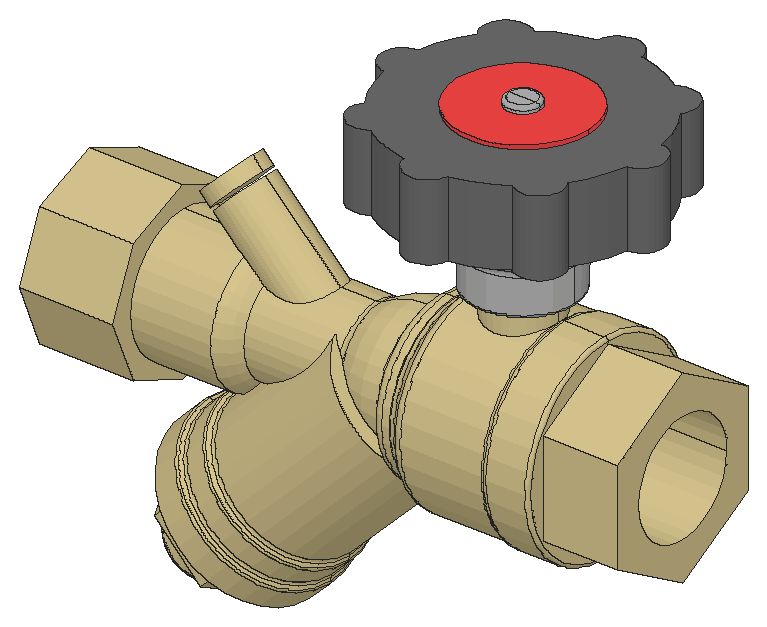
Revit family "QD36230000", category Apparecchi idraulici, Revit 2016
Family settings
  Tipo di parte = Normale
  Quota connettore circolare = Usa diametro
  Numero OmniClass = 23.45.00.00
  Titolo OmniClass = Sanitary, Laundry, and Cleaning Equipment
  Basato su piano di lavoro = No
  Sempre verticale = Sì
  Taglio con vuoti quando caricato = No
  Condiviso = No
  Punto di calcolo locali = No
Parameters
  URL = "https://web.cimberio.it/index.php/figura/1726?subcategoria_id=102"
  Produttore = "CIMBERIO SPA"
  Modello = "Cim 6622CRNL"
  DN Model [instance] = QD36231032 : QD36231032
  DN [instance] = 32 mm
Reference planes
  plane 1 "Centro (Fronte/Retro)": y = 0
  plane 2: z = 0
  plane 3 "Centro (Sinistra/Destra)": x = 0
Dimensions and locks
  aligned and locked: level to plane 2
Nested families
  nested 1: "QD36231032" at (0, 0, 0), type <- "DN Model", type "QD36231032"
    with DN 10 mm
  nested 2: "QD36231032" at (0, 0, 0), type <- "DN Model", type "QD36231032"
    with DN 10 mm
  nested 3: "QD36231032" at (0, 0, 0), type <- "DN Model", type "QD36231032"
    with DN 10 mm
  nested 4: "QD36231032" at (0, 0, 0), type <- "DN Model", type "QD36231032"
    with DN 10 mm
Connectors
  piping at (45.923, 0, 0), diameter 32, driven by "DN"
    settings: on nested 1, index 1, connector inside diameter 609.6 mm, connector length 0 mm, flow factor 0, pipe flow 0.0 L/s, pressure drop 0.0 Pa, fitting loss kfactor 0, connector angle 0.00°, fixture units 0, engagement length 0 mm, angle of deflection 0.00°, flow configuration 0, flow direction 0, fitting loss method 0, system type 7, joint type 0, gender type 0, connector reference index -1, connector utility 0, adjustable connector no, is connector primary yes, connector description ""
  piping at (-124.5, 0, 0), diameter 32, driven by "DN"
    settings: on nested 1, index 2, connector inside diameter 609.6 mm, connector length 0 mm, flow factor 0, pipe flow 0.0 L/s, pressure drop 0.0 Pa, fitting loss kfactor 0, connector angle 0.00°, fixture units 0, engagement length 0 mm, angle of deflection 0.00°, flow configuration 0, flow direction 0, fitting loss method 0, system type 7, joint type 0, gender type 0, connector reference index -1, connector utility 0, adjustable connector no, is connector primary no, connector description ""
Definition of nested family "QD36231032"
  Parameters (values of type "QD36231032")
    DN [instance] = 10 mm  # constant formula
  Reference planes
    plane 1 "Centro (Fronte/Retro)": y = 0
    plane 2: z = 0
    plane 3 "Centro (Sinistra/Destra)": x = 0
  Forms (mm)
    Revolve 1, solid
      sketch origin (0, 0, 30.134) x (1, 0, 0) y (0, 0, 1)
        loop
          line (0, 51.8) -> (0, 50.016) -> (4.75, 50.016) -> (4.75, 50.8)
          arc (4.75, 50.8) -> (4.457, 51.507) -> (3.75, 51.8) r 1
          line (3.75, 51.8) -> (0, 51.8)
        axis (0, 51.8) -> (0, 50.016)
      angle from 0 to 360
    Revolve 2, solid
      sketch origin (0, 0, 15.848) x (1, 0, 0) y (0, 0, 1)
        loop
          line (-27.4, 41.466) -> (-15.732, 29.798)
          arc (-15.732, 29.798) -> (-15.167, 28.928) -> (-15.003, 27.903) r 2.5
          line (-15.003, 27.903) -> (-14.909, 18.07)
          arc (-14.909, 18.07) -> (-14.758, 17.713) -> (-14.4, 17.566) r 0.509
          line (-14.4, 17.566) -> (0, 17.566) -> (0, 41.466) -> (-27.4, 41.466)
        axis (0, 17.566) -> (0, 41.466)
      angle from 0 to 360
    Extrusion 3, solid
      sketch origin (0, 0, 45.023) x (1, 0, 0) y (0, 1, 0)
        loop
          arc (-6.371, 34.924) -> (-13.585, 32.798) -> (-20.19, 29.2) r 35.5
          arc (-20.19, 29.2) -> (-28.638, 28.638) -> (-29.2, 20.19) r 6.428
          arc (-29.2, 20.19) -> (-32.798, 13.585) -> (-34.924, 6.371) r 35.5
          arc (-34.924, 6.371) -> (-40.5, 0) -> (-34.924, -6.371) r 6.428
          arc (-34.924, -6.371) -> (-32.798, -13.585) -> (-29.2, -20.19) r 35.5
          arc (-29.2, -20.19) -> (-28.638, -28.638) -> (-20.19, -29.2) r 6.428
          arc (-20.19, -29.2) -> (-13.585, -32.798) -> (-6.371, -34.924) r 35.5
          arc (-6.371, -34.924) -> (0, -40.5) -> (6.371, -34.924) r 6.428
          arc (6.371, -34.924) -> (13.585, -32.798) -> (20.19, -29.2) r 35.5
          arc (20.19, -29.2) -> (28.638, -28.638) -> (29.2, -20.19) r 6.428
          arc (29.2, -20.19) -> (32.798, -13.585) -> (34.924, -6.371) r 35.5
          arc (34.924, -6.371) -> (40.5, 0) -> (34.924, 6.371) r 6.428
          arc (34.924, 6.371) -> (32.798, 13.585) -> (29.2, 20.19) r 35.5
          arc (29.2, 20.19) -> (28.638, 28.638) -> (20.19, 29.2) r 6.428
          arc (20.19, 29.2) -> (13.585, 32.798) -> (6.371, 34.924) r 35.5
          arc (6.371, 34.924) -> (0, 40.5) -> (-6.371, 34.924) r 6.428
      from 12.291 to 34.016
    Extrusion 4, solid
      sketch origin (0, 0, 44.398) x (1, 0, 0) y (0, 1, 0)
        loop
          circle (0, 0) r 18.828
      from 34.016 to 35.735
    Revolve 5, solid
      sketch origin (0, 0, 0) x (1, 0, 0) y (0, 0, 1)
        loop
          arc (23.35, -28.5) -> (24.057, -28.207) -> (24.35, -27.5) r 1
          line (24.35, -27.5) -> (24.35, -16) -> (-19.536, -16) -> (-19.536, -23.5)
          arc (-19.536, -23.5) -> (-18.579, -23.69) -> (-17.768, -24.232) r 2.5
          line (-17.768, -24.232) -> (-15.129, -26.871)
          arc (-15.129, -26.871) -> (-14.155, -27.522) -> (-13.007, -27.75) r 3
          line (-13.007, -27.75) -> (10.198, -27.75)
          arc (10.198, -27.75) -> (10.728, -27.847) -> (11.19, -28.125) r 1.5
          arc (11.19, -28.125) -> (11.652, -28.403) -> (12.182, -28.5) r 1.5
          line (12.182, -28.5) -> (23.35, -28.5)
        axis (24.35, 0) -> (-19.536, 0)
      angle from 0 to 360
    Revolve 6, solid
      sketch origin (0, 0, 0) x (1, 0, 0) y (0, 0, 1)
        loop
          line (-19.536, 23.5) -> (-21.751, 23.5)
          arc (-21.751, 23.5) -> (-23.759, 22.729) -> (-24.736, 20.812) r 3.001
          arc (-24.736, 20.812) -> (-25.386, 19.527) -> (-26.726, 19) r 2.024
          arc (-26.726, 19) -> (-33.933, 17.935) -> (-40.592, 14.982) r 26.995
          arc (-40.592, 14.982) -> (-41.376, 14.632) -> (-42.223, 14.5) r 3.243
          line (-42.223, 14.5) -> (-68.686, 14.5)
          arc (-68.686, 14.5) -> (-71.302, 17.084) -> (-74.44, 19) r 15.943
          line (-74.44, 19) -> (-97.652, 19) -> (-97.652, 12) -> (-19.536, 12) -> (-19.536, 23.5)
        axis (-97.652, 0) -> (-19.536, 0)
      angle from 0 to 360
    Extrusion 7, solid
      sketch origin (-11, 0, 0) x (0, 0, 1) y (0, 1, 0)
        loop
          circle (0, 0) r 16
        loop
          line (25, 0) -> (17.678, 17.678) -> (0, 25) -> (-17.678, 17.678) -> (-25, 0) -> (-17.678, -17.678) -> (0, -25) -> (17.678, -17.678) -> (25, 0)
      from 86.652 to 113.5
    Extrusion 8, solid
      sketch origin (66.912, 0, 0) x (0, 0, 1) y (0, 1, 0)
        loop
          circle (0, 0) r 16
        loop
          line (27, 0) -> (13.5, 23.383) -> (-13.5, 23.383) -> (-27, 0) -> (-13.5, -23.383) -> (13.5, -23.383) -> (27, 0)
      from 20.989 to 42.562
    Revolve 9, solid
      sketch origin (0, 0, 4.062) x (1, 0, 0) y (0, 0, 1)
        loop
          line (0, 36.849) -> (0, 20.384) -> (10.25, 20.384) -> (10.25, 36.849) -> (0, 36.849)
        axis (0, 36.849) -> (0, 20.384)
      angle from 0 to 360
    Extrusion 10, solid
      sketch origin (0, 0, 4.062) x (1, 0, 0) y (0, 0, 1)
        loop
          line (-8.5, 38.245) -> (-16, 38.245) -> (-16, 10.666) -> (-8.5, 10.666) -> (-8.5, 38.245)
      from -1.851 to 0
    Revolve 11, solid
      sketch origin (0, 0, 0) x (1, 0, 0) y (0, 0, 1)
        loop
          line (-79.781, 29.781) -> (-56.605, 6.605) -> (-50.595, 12.616) -> (-73.77, 35.791) -> (-79.781, 29.781)
        axis (-79.781, 29.781) -> (-56.605, 6.605)
      angle from 0 to 360
    Revolve 12, solid
      sketch origin (0, 0, 0) x (1, 0, 0) y (0, 0, 1)
        loop
          line (-78.912, -50.912) -> (-61.234, -68.589) -> (-55.469, -62.824)
          arc (-55.469, -62.824) -> (-55.242, -62.474) -> (-55.176, -62.061) r 1.005
          line (-55.176, -62.061) -> (-55.176, -61.032)
          arc (-55.176, -61.032) -> (-55.062, -60.458) -> (-54.737, -59.971) r 1.5
          line (-54.737, -59.971) -> (-50.166, -55.4)
          arc (-50.166, -55.4) -> (-49.946, -55.067) -> (-49.873, -54.675) r 1.001
          line (-49.873, -54.675) -> (-49.873, -53.607)
          arc (-49.873, -53.607) -> (-49.759, -53.033) -> (-49.434, -52.546) r 1.5
          line (-49.434, -52.546) -> (-16.248, -19.361) -> (-31.804, -3.804) -> (-78.912, -50.912)
        axis (-78.912, -50.912) -> (-31.804, -3.804)
      angle from 0 to 360
    Extrusion 13, solid
      sketch origin (-78.912, 0, -50.912) x (0, 1, 0) y (0.707107, 0, -0.707107)
        loop
          line (0, -18.95) -> (16.411, -9.475) -> (16.411, 9.475) -> (0, 18.95) -> (-16.411, 9.475) -> (-16.411, -9.475) -> (0, -18.95)
      from 0 to 10
    Revolve 14, solid
      sketch origin (0, 0, 0) x (1, 0, 0) y (0, 0, 1)
        loop
          line (-93.054, -65.054) -> (-86.336, -71.771)
          arc (-86.336, -71.771) -> (-85.638, -72.064) -> (-84.934, -71.784) r 1
          line (-84.934, -71.784) -> (-79.154, -66.201)
          arc (-79.154, -66.201) -> (-78.45, -65.921) -> (-77.752, -66.214) r 1
          line (-77.752, -66.214) -> (-85.983, -57.983) -> (-93.054, -65.054)
        axis (-93.054, -65.054) -> (-85.983, -57.983)
      angle from 0 to 360
    Extrusion 15, solid
      sketch origin (-79.781, 0, 29.781) x (0.707107, 0, 0.707107) y (0, 1, 0)
        loop
          circle (0, 0) r 8.5
      from 1.116 to 5.5
  Dimensions and locks
    aligned and locked: level to plane 2
